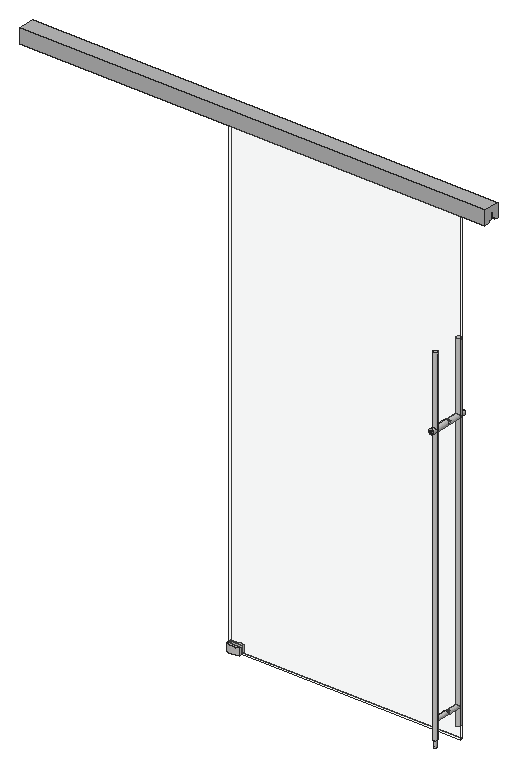
Revit family "Doors_Sliding_Avanti_Systems_Polaris-Auto-Magnetic-Slider_Single-Soffit-Mount-Dbl-Glazed", category Doors, Revit 2015
Parameters (values of type "Load Family Type Catalog")
  Youtube clip = ""
  Weight Net (Kg) = "0"
  Warranty = "1 year"  # constant formula
  Uniformat II Description = "Interior Doors"
  Uniformat II Code = "C1020"
  Uniclass 2015 Name = "Sliding door and partition sets"
  Uniclass 2015 Code = "Pr_30_59_24_80"
  Uniclass 2.0 Description = "Sliding Door And Partition Sets"
  Uniclass 2.0 Code = "PR-59-23-77"
  Uniclass 1.4 Description = "Doors"
  Uniclass 1.4 Code = "JL20"
  URL = "https://www.avantisystemsusa.com"
  UNSPSC Code = "30171501"
  Type = 1
  Thickness = if(Type = 1, 1/2", if(Type = 2, 3/8", if(Type = 3, 7/16", if(Type = 4, 9/16", 3/4"))))  # 1/2"
  Technical description = ""
  Stainless Steel Finish = "Yes"  # constant formula
  Sound Rating = 0
  Region South America = "All"
  Region Oceania = "All"
  Region North America = "All"
  Region Middle East = "All"
  Region Europe = "All"
  Region Asia = "All"
  Region Antarctica = "All"
  Region Africa = "All"
  Rail material [instance] = Polyester powder - Avanti - White aluminium METALLIC - RAL9006
  Rail Length [instance] = (Opening Width * 2) + 6 5/16"  # 80 5/16"
  QR code = "http://bimobject.com/avantisystems/product/avanti-polaris-auto-magnetic-slider"
  Product url = "https://www.avantisystemsusa.com/glass-products/doors/sliding-doors/automatic-doors/"
  Product group = "Automatic Doors"
  Product family = "Sliding Doors"
  Product data url = "https://bimobject.com/avantisystems/product/avanti-polaris-auto-magnetic-slider"
  Product certification = ""
  Product SKU = "avanti-polaris-auto-magnetic-slider"
  Product Guid = "5e847812-9909-4e74-9d64-870bde1c5a5f"
  Power = 110 V  # constant formula
  Opening Width [instance] = 37"
  OmniClass Description = "Sliding All Glass Doors"
  OmniClass Code = "23-17 11 23 13"
  Nominal width = 0"
  Nominal height = 0"
  NBS Reference Description = "Sliding Door And Partition Sets"
  NBS Reference Code = "59-23-77"
  Model = "Polaris™ Auto Magnetic Slider"  # constant formula
  Material secondary = "Aluminium"
  Material main = "Glass"
  Masterformat 2014 Description = "Sliding Aluminum-Framed Glass Doors"
  Masterformat 2014 Code = "08 32 13"
  Manufacturer name = "Avanti Systems"
  Manufacturer country = ""
  Manufacturer = "Avanti Systems USA"  # constant formula
  Lock = "Thumb turn floor lock with a key"
  Ladder Pull Height [instance] = 18"
  LEED compatibility = "LEED 2009 (v3): MRc3, MRc4, MRc5, MRc7, EQc4.2, EQc8.1 and EQc8.2. LEED v4: MRc1, MRc3, MRc4, MRc8, EQc2, EQc7 and EQc8."  # constant formula
  Installation instructions = ""
  IFC Classification = "Door"
  Hardware material [instance] = Stainless Steel - Avanti- Brushed Finish
  Handle type [instance] = Handle : 60" Ladder Pull
  Glazing = "Safety Glazing SGCC"
  Glass Width [instance] = 40"
  Glass Material = Glass - Avanti - Laminated Glass
  Glass Marker = yes
  Glass Height [instance] = 83.63043"
  Gap Thickness = if(Type = 1, 1 1/4", if(Type = 2, 1 39/128", if(Type = 3, 1 35/128", if(Type = 4, 1 27/128", 1 15/128"))))  # 1 1/4"
  Function = Interior
  Edition number = 1
  EAN code = ""
  Design country = "United States"
  Description = "The newset innovation in modern interior office entryway design."  # constant formula
  Date of publishing = ""
  Clear Anodic Finish = "ASTM B221 (ASTM B221M)"  # constant formula
  COBIe Type Category = ""
  Brand url = "http://www.avantisystemsusa.com/"
  BIMobject main category code = "doors"
  BIMobject main category = "Doors"
  BIMobject category code = "doors-sliding"
  BIMobject category = "Sliding"
  Analytic Construction = "<None>"
Reference planes (in)
  plane 1 "Center (Front/Back)": y = 0
  plane 2: z = 0
  plane 3 "Center (Left/Right)": x = 3.24894
  plane 4: x = -15.25106
  plane 5: x = 21.74894
  plane 6 "Top": z = 84.14172
  plane 7 "Curtain_wall_center": y = 1.74219
  plane 8 "Curtain_wall_exterior": y = 1.99219
  plane 9 "Curtain_wall_interior": y = 1.49219
  plane 10 "Doors_exterior": y = 3.74219
  plane 11 "Doors_center": y = 3.49219
  plane 12 "Doors_interior": y = 3.24219
  plane 13 "Door_offset_left": x = -16.75106
  plane 14 "Door_offset_right": x = 23.24894
  plane 15 "Door_offset_top": z = 83.78234
  plane 16 "Handle_placement_top": z = 18
  plane 17 "Handle_placement_level": x = 20.74894
  plane 18: x = -14.76823
  plane 19: z = 0.15191
  plane 20: x = -51.87606
  plane 21: x = 28.43644
  plane 22: z = 41.89117
  plane 23: z = 84.69642
Forms (in)
  Extrusion 1, solid, material "Glass - Avanti - Laminated Glass" <- "Glass Material"
    sketch origin (0, 0, 0) x (1, 0, 0) y (0, 1, 0)
      loop
        line (-16.75106, 3.74219) -> (-16.75106, 3.24219) -> (23.24894, 3.24219) -> (23.24894, 3.74219) -> (-16.75106, 3.74219)
    from 0.15191 to 83.78234
  Extrusion 2, solid, material "Stainless Steel - Avanti- Brushed Finish" <- "Hardware material"
    sketch origin (0, 0, 0) x (1, 0, 0) y (0, 1, 0)
      loop
        arc (-17.01409, 2.97625) -> (-15.89116, 2.77392) -> (-14.76823, 2.97625) r 3.2173
        line (-14.76823, 2.97625) -> (-14.76823, 4.00813)
        arc (-14.76823, 4.00813) -> (-15.89116, 4.15799) -> (-17.01409, 4.00813) r 4.28202
        line (-17.01409, 4.00813) -> (-17.01409, 2.97625)
    from 0 to 1.21575
  Extrusion 3, void
    sketch origin (3.24894, 0, 0) x (0, 1, 0) y (0, 0, 1)
      loop
        line (3.74219, 1.21575) -> (3.24219, 1.21575) -> (3.24219, 0.15191) -> (3.74219, 0.15191) -> (3.74219, 1.21575)
    from -20.26303 to -18.01717
  Sweep 4, solid, material "Polyester powder - Avanti - White aluminium METALLIC - RAL9006" <- "Rail material"
    path origin (0, 0, 0) x (1, 0, 0) y (0, 0, 1)
      loop
        line (28.43644, 84.69642) -> (-51.87606, 84.69642)
    profile origin (-11.71981, 0, 84.69642) x (0, 0, -1) y (0, -1, 0)
      loop
        line (2.36221, -4.1639) -> (1.96457, -4.1639) -> (1.96457, -3.74219) -> (1.00393, -3.74219) -> (1.00393, -3.24219) -> (2.00394, -3.24219) -> (2.00394, -2.96705) -> (2.36221, -2.96705) -> (2.36221, -1.99855) -> (0, -1.99855) -> (0, -4.75446) -> (2.36221, -4.75446) -> (2.36221, -4.1639)
Cuts and joins
  Extrusion 3 cuts Extrusion 2
Lines and regions (in)
  symbolic lines, style "0"
    curve 1: line (-17.01409, 2.97625, 0) -> (-17.01409, 4.00813, 0)
    curve 2: line (-14.76823, 2.97625, 0) -> (-14.76823, 4.00813, 0)
    curve 3: circle (-16.75106, 3.49219, 0) r 0.22256 normal (0, 0, 1)
    curve 4: circle (-16.75106, 3.49219, 0) r 0.13151 normal (0, 0, 1)
    curve 5: circle (-15.03126, 3.49219, 0) r 0.22256 normal (0, 0, 1)
    curve 6: circle (-15.03126, 3.49219, 0) r 0.13151 normal (0, 0, 1)
    curve 7: arc (-15.42624, 3.11788, 0) -> (-15.29429, 3.49219, 0) -> (-15.42624, 3.8665, 0) r 0.59687
    curve 8: arc (-16.35608, 3.8665, 0) -> (-16.48803, 3.49219, 0) -> (-16.35608, 3.11788, 0) r 0.59687
    curve 9: line (-14.76823, 3.8665, 0) -> (-17.01409, 3.8665, 0)
    curve 10: line (-14.76823, 3.11788, 0) -> (-17.01409, 3.11788, 0)
    curve 21: arc (-14.76823, 2.97625, 0) -> (-15.89116, 2.77392, 0) -> (-17.01409, 2.97625, 0) r 3.2173
    curve 35: line (-14.76823, 3.24219, 0) -> (23.24894, 3.24219, 0)
    curve 36: line (23.24894, 3.24219, 0) -> (23.24894, 3.74219, 0)
    curve 37: line (-14.76823, 3.74219, 0) -> (23.24894, 3.74219, 0)
    curve 38: line (3.24894, 3.74219, 0.15191) -> (3.24894, 3.74219, 83.78234)
    curve 39: line (3.24894, 3.24219, 0.15191) -> (3.24894, 3.74219, 0.15191)
    curve 40: line (3.24894, 3.24219, 83.78234) -> (3.24894, 3.24219, 0.15191)
    curve 53: arc (-14.76823, 4.00813, 0) -> (-15.89116, 4.15799, 0) -> (-17.01409, 4.00813, 0) r 4.28202
  symbolic lines, style "0", not visible
    curve 11: line (-11.39483, 5.69093, 0) -> (-11.39483, 4.65905, 0)
    curve 12: line (-13.64069, 5.69093, 0) -> (-13.64069, 4.65905, 0)
    curve 13: circle (-11.65786, 5.17499, 0) r 0.22256 normal (0, 0, 1)
    curve 14: circle (-11.65786, 5.17499, 0) r 0.13151 normal (0, 0, 1)
    curve 15: circle (-13.37767, 5.17499, 0) r 0.22256 normal (0, 0, 1)
    curve 16: circle (-13.37767, 5.17499, 0) r 0.13151 normal (0, 0, 1)
    curve 17: arc (-12.98268, 5.5493, 0) -> (-13.11464, 5.17499, 0) -> (-12.98268, 4.80068, 0) r 0.59687
    curve 18: arc (-12.05285, 4.80068, 0) -> (-11.92089, 5.17499, 0) -> (-12.05285, 5.5493, 0) r 0.59687
    curve 19: line (-13.64069, 4.80068, 0) -> (-11.39483, 4.80068, 0)
    curve 20: line (-13.64069, 5.5493, 0) -> (-11.39483, 5.5493, 0)
    curve 22: arc (-13.64069, 5.69093, 0) -> (-12.51776, 5.89326, 0) -> (-11.39483, 5.69093, 0) r 3.2173
    curve 51: line (-16.88257, 3.49219, 0) -> (-16.61954, 3.49219, 0)
    curve 52: line (-11.52635, 5.17499, 0) -> (-11.78938, 5.17499, 0)
    curve 54: arc (-13.64069, 4.65905, 0) -> (-12.51776, 4.50918, 0) -> (-11.39483, 4.65905, 0) r 4.28202
  symbolic lines, style "0", detail levels medium+fine
    curve 23: circle (20.74894, 6.0161, 0) r 0.39445 normal (0, 0, 1)
    curve 24: line (20.43894, 5.77219, 0) -> (20.43894, 3.74219, 0)
    curve 25: line (21.06195, 5.77606, 0) -> (21.06195, 3.74219, 0)
    curve 26: circle (20.74894, 0.96828, 0) r 0.39445 normal (0, 0, -1)
    curve 27: line (20.43894, 1.21218, 0) -> (20.43894, 3.24219, 0)
    curve 28: line (21.06195, 1.20831, 0) -> (21.06195, 3.24219, 0)
  symbolic lines, style "0", not visible, detail levels medium+fine
    curve 29: circle (20.74894, 4.89891, 0) r 0.39445 normal (0, 0, 1)
    curve 30: line (20.43894, 4.65501, 0) -> (20.43894, 2.625, 0)
    curve 31: line (21.06195, 4.65887, 0) -> (21.06195, 2.625, 0)
    curve 32: circle (20.74894, -0.14891, 0) r 0.39445 normal (0, 0, -1)
    curve 33: line (20.43894, 0.09499, 0) -> (20.43894, 2.125, 0)
    curve 34: line (21.06195, 0.09113, 0) -> (21.06195, 2.125, 0)
  symbolic lines, visible <- "Glass Marker"
    curve 41: line (0.42051, -0.24998, 39.06274) -> (6.07737, -0.24998, 44.7196)
    curve 42: line (3.24894, -0.24998, 40.04321) -> (5.0969, -0.24998, 41.89117)
    curve 43: line (1.40098, -0.24998, 41.89117) -> (3.24894, -0.24998, 43.73913)
  symbolic lines, not visible
    curve 44: line (1.40098, 0.25002, 41.89117) -> (5.0969, 0.25002, 41.89117)
    curve 49: line (-1.84534, 0.25002, 22.66367) -> (1.85057, 0.25002, 22.66367)
  model lines, not visible
    curve 45: line (3.24894, 0.25002, 40.04321) -> (3.24894, 0.25002, 43.73913)
    curve 50: line (0.00262, 0.25002, 20.81572) -> (0.00262, 0.25002, 24.51163)
  symbolic lines, visible <- "Glass Marker", not visible
    curve 46: line (-2.82581, -0.24998, 19.83525) -> (2.83104, -0.24998, 25.4921)
    curve 47: line (0.00262, -0.24998, 20.81572) -> (1.85057, -0.24998, 22.66367)
    curve 48: line (-1.84534, -0.24998, 22.66367) -> (0.00262, -0.24998, 24.51163)
Text (in)
  text "Exterior" at (-45.72835, 31.38743, 0), in view "Ref. Level"
Dimensions and locks (in)
  equal spacing: plane 4, plane 3 "Center (Left/Right)", plane 5  (x2)
  equal spacing: plane 8 "Curtain_wall_exterior", plane 7 "Curtain_wall_center", plane 9 "Curtain_wall_interior"
  equal spacing: plane 10 "Doors_exterior", plane 11 "Doors_center", plane 12 "Doors_interior"
  "Gap Thickness": plane 12 "Doors_interior" to plane 8 "Curtain_wall_exterior"
  locked: plane 5 to plane 14 "Door_offset_right" at 1.5
  locked: plane 13 "Door_offset_left" to plane 4 at 1.5
  "Thickness": plane 10 "Doors_exterior" to plane 12 "Doors_interior"
  "Thickness": plane 8 "Curtain_wall_exterior" to plane 9 "Curtain_wall_interior"
  "Ladder Pull Height": plane 2 to plane 16 "Handle_placement_top"
  locked: plane 17 "Handle_placement_level" to plane 14 "Door_offset_right" at 2.5
  equal spacing: plane 13 "Door_offset_left", plane 3 "Center (Left/Right)", plane 14 "Door_offset_right"
  "Opening Width": plane 4 to plane 5
  locked: plane 4 to plane 18 at 0.48283
  locked: plane 17 "Handle_placement_level" to curve 25 at 0.31301
  locked: plane 17 "Handle_placement_level" to curve 28 at 0.31301
  locked: plane 5 to plane 21 at 6.6875
  "Rail Length": plane 20 to plane 21
  plane 10 "Doors_exterior" to plane 12 "Doors_interior" = 1/2"
  equal spacing: plane 2, plane 22, plane 15 "Door_offset_top"
  "Glass Width": plane 13 "Door_offset_left" to plane 14 "Door_offset_right"
  locked: plane 2 to plane 19 at 0.15191
  "Glass Height": plane 19 to plane 15 "Door_offset_top"
  locked: plane 15 "Door_offset_top" to plane 6 "Top" at 0.35938
  locked: plane 1 "Center (Front/Back)" to plane 7 "Curtain_wall_center" at 1.74219
  curve 9 to nested 2 = 2.67443"
  locked: plane 6 "Top" to plane 23 at 0.55471
  locked: nested 3 to curve 44 at 7
  aligned and locked: level to plane 2
  aligned and locked: Extrusion 1 sketch curve to plane 10 "Doors_exterior"
  aligned and locked: Extrusion 1 sketch curve to plane 13 "Door_offset_left"
  aligned and locked: plane 12 "Doors_interior" to Extrusion 1 sketch curve
  aligned and locked: plane 14 "Door_offset_right" to Extrusion 1 sketch curve
  aligned and locked: plane 15 "Door_offset_top" to Extrusion 1
  aligned and locked: curve 2 to plane 18
  aligned and locked: plane 10 "Doors_exterior" to curve 25
  aligned and locked: plane 10 "Doors_exterior" to curve 24
  aligned and locked: plane 12 "Doors_interior" to curve 28
  aligned and locked: plane 12 "Doors_interior" to curve 27
  aligned and locked: plane 10 "Doors_exterior" to Extrusion 3 sketch curve
  aligned and locked: Extrusion 3 sketch curve to plane 12 "Doors_interior"
  aligned and locked: Extrusion 2 to Extrusion 3 sketch curve
  aligned and locked: curve 38 to Extrusion 1
  aligned and locked: curve 39 to cut or joined group of Extrusion 2, Extrusion 3
  aligned and locked: curve 40 to cut or joined group of Extrusion 2, Extrusion 3
  aligned and locked: cut or joined group of Extrusion 2, Extrusion 3 to plane 2
  aligned and locked: cut or joined group of Extrusion 2, Extrusion 3 to plane 18
  aligned and locked: plane 15 "Door_offset_top" to curve 38
  aligned and locked: plane 15 "Door_offset_top" to curve 40
  aligned and locked: Extrusion 1 to cut or joined group of Extrusion 2, Extrusion 3
  aligned and locked: plane 22 to curve 44
  aligned and locked: plane 3 "Center (Left/Right)" to curve 45
  aligned and locked: plane 11 "Doors_center" to nested 1
  aligned and locked: plane 3 "Center (Left/Right)" to nested 2
  aligned and locked: plane 19 to Extrusion 1
  aligned and locked: plane 23 to Sweep 4 sketch curve
  aligned and locked: Sweep 4 sketch curve to plane 10 "Doors_exterior"
  aligned and locked: Sweep 4 sketch curve to plane 12 "Doors_interior"
  aligned and locked: plane 23 to nested 1
  aligned and locked: plane 3 "Center (Left/Right)" to nested 3
  aligned and locked: curve 51 to plane 11 "Doors_center"
  aligned and locked: plane 17 "Handle_placement_level" to nested 4
  aligned and locked: plane 2 to nested 4
  aligned and locked: plane 10 "Doors_exterior" to nested 4
Automatic sketch dimensions
  curve 35 to plane 12 "Doors_interior" = 0"
  curve 35 to plane 18 = 0"
  curve 37 to plane 10 "Doors_exterior" = 0"
  curve 37 to plane 18 = 0"
  Extrusion 2 sketch curve to plane 18 = 0"
  plane 4 to Extrusion 2 sketch curve = 0.6401"  (x2)
  plane 1 "Center (Front/Back)" to Extrusion 2 sketch curve = 0.12403"
  plane 13 "Door_offset_left" to Extrusion 2 sketch curve = 0.26303"
  Extrusion 2 sketch curve to plane 12 "Doors_interior" = 0.26594"
  plane 10 "Doors_exterior" to Extrusion 2 sketch curve = 0.26594"
  plane 10 "Doors_exterior" to Extrusion 2 sketch curve = 2.24903"
  level to Extrusion 3 sketch curve = 0.15191"
  plane 20 to Sweep 4 sketch curve = 0"
  plane 21 to Sweep 4 sketch curve = 0"
  Sweep 4 sketch curve to profile plane = 0"
  Sweep 4 sketch curve to Sweep 4 sketch curve = 0.03937"
  Sweep 4 sketch curve to Sweep 4 sketch curve = 0.39764"
  Sweep 4 sketch curve to Sweep 4 sketch curve = 0.35827"
  Sweep 4 sketch curve to Sweep 4 sketch curve = 0.59055"
  Sweep 4 sketch curve to Sweep 4 sketch curve = 0.42172"
  Sweep 4 sketch curve to Sweep 4 sketch curve = 0.27514"
  Sweep 4 sketch curve to Sweep 4 sketch curve = 1.24364"
  Sweep 4 sketch curve to Sweep 4 sketch curve = 1"
  curve 36 to plane 14 "Door_offset_right" = 0"
  Sweep 4 sketch curve to profile plane = 1 1/256"
  curve 3 to curve 4 = 0"  (x4)
  curve 5 to curve 6 = 0"  (x4)
  curve 7 to curve 8 = 0"  (x4)
  curve 9 to curve 5 = 0.26303"
  curve 5 to curve 8 = 0.8599"
  curve 2 to curve 21 = 1.12293"
  curve 7 to curve 4 = 0.8599"
  curve 3 to curve 1 = 0.26303"
  curve 21 to curve 2 = 1.98308"
  curve 1 to curve 2 = 0"
  curve 1 to curve 4 = 0.51594"
  curve 3 to curve 7 = 0"
  curve 2 to curve 6 = 0.51594"
  curve 3 to curve 1 = 0.51594"
  curve 21 to curve 53 = 3.10027"
  curve 5 to curve 7 = 0.39498"  (x2)
  curve 8 to curve 3 = 0.39498"
  curve 51 to curve 3 = 0.13151"
  curve 1 to curve 9 = 0.14163"
  curve 3 to curve 51 = 0"
  curve 13 to curve 14 = 0"  (x4)
  curve 15 to curve 16 = 0"  (x4)
  curve 17 to curve 18 = 0"  (x4)
  curve 19 to curve 15 = 0.26303"
  curve 15 to curve 18 = 0.8599"
  curve 12 to curve 22 = 1.12293"
  curve 17 to curve 14 = 0.8599"
  curve 13 to curve 11 = 0.26303"
  curve 22 to curve 12 = 1.98308"
  curve 11 to curve 12 = 0"
  curve 11 to curve 14 = 0.51594"
  curve 13 to curve 17 = 0"
  curve 12 to curve 16 = 0.51594"
  curve 13 to curve 11 = 0.51594"
  curve 22 to curve 54 = 3.10027"
  curve 15 to curve 17 = 0.39498"  (x2)
  curve 18 to curve 13 = 0.39498"
  curve 52 to curve 13 = 0.13151"
  curve 11 to curve 19 = 0.14163"
  curve 13 to curve 52 = 0"
  radius of curve 3 = 0.22256"
  radius of curve 5 = 0.22256"
  radius of curve 6 = 0.13151"
  radius of curve 13 = 0.22256"
  radius of curve 15 = 0.22256"
  radius of curve 16 = 0.13151"
Nested families (in)
  nested 1: "Rail-Detail" at (3.24894, 3.41833, 83.51532) x (0, 1, 0) z (1, 0, 0), type "Rail-Detail"
    with Thickness 1/2", Half Thickness 1/4"
  nested 2: "Arrow" at (3.24894, 6.54093, 0), type "arrow"
  nested 3: "Arrow" at (3.24894, 0, 48.89117) x (1, 0, 0) z (0, -1, 0), type "arrow"
  nested 4: "Handle" at (22.37394, 5.11719, 38) x (-1, 0, 0) z (0, 1, 0), type <- "Handle type", type "60" Ladder Pull", detail levels medium+fine
    with Locker yes
Definition of nested family "Handle"
  Parameters (values of type "48" Ladder Pull")
    Width = 54.28299"
    Type = 3
    Ladder Pool Height = 18"
    Ladder 60" = if(Type = 5, 1 = 1, 1 = 0)  # no
    Ladder = if(Type = 3, 1 = 1, 1 = 0)  # yes
    Thickness = 1/2"
    Panic hardware = if(Type = 4, 1 = 1, 1 = 0)  # no
    Material = none
    Locker [instance] = yes
    Height = 90 9/16"
    Glass door = if(Type = 2, 1 = 1, 1 = 0)  # no
    Framed door = if(Type = 1, 1 = 1, 1 = 0)  # no
    Default Elevation = 48"
  Types (2): name | Type | Ladder 60" | Ladder
    60" Ladder Pull | 5 | yes | no
    48" Ladder Pull | 3 | no | yes
  Reference planes (in)
    plane 1 "Center (Front/Back)": y = 0
    plane 2: z = 0
    plane 3 "Center (Left/Right)": x = 0
    plane 4 "door_up": z = -1.375
    plane 5 "door_down": z = -1.875
    plane 6: z = -3.25
    plane 7: x = -1.25
    plane 8: x = -43.31449
    plane 9: x = -46.03299
    plane 10: x = -43.31449
    plane 11: y = 51.9375
    plane 12: y = 0.625
    plane 13: y = 11.125
    plane 14: y = 52.5625
    plane 15: y = -38
    plane 16: x = -50.15799
    plane 17 "door": x = 4.125
    plane 18: x = 1.625
    plane 19: y = -20
  Forms (in)
    Sweep 1, solid, material <- "Material", visible <- "Panic hardware"
      path origin (0, 0, 0) x (1, 0, 0) y (0, 1, 0)
        loop
          line (-1.25, 51.9375) -> (-1.25, 4.25)
          arc (-1.25, 4.25) -> (-2.12868, 2.12868) -> (-4.25, 1.25) r 3
          line (-4.25, 1.25) -> (-43.31449, 1.25)
      profile origin (-1.25, 28.09375, 0) x (1, 0, 0) y (0, 0, 1)
        loop
          circle (0.625, 0.625) r 0.625
    Sweep 2, solid, material <- "Material", visible <- "Panic hardware"
      path origin (0, 0, 0) x (1, 0, 0) y (0, 0, 1)
        loop
          line (-43.31449, 0) -> (-44.06449, 0)
          arc (-44.06449, 0) -> (-44.57255, -0.21044) -> (-44.78299, -0.7185) r 0.7185
          line (-44.78299, -0.7185) -> (-44.78299, -1.375)
      profile origin (-43.68949, 0, 0) x (0, 0, -1) y (0, -1, 0)
        loop
          circle (-0.625, -0.625) r 0.625
    Sweep 3, solid, material <- "Material", visible <- "Panic hardware"
      path origin (0, 0, -6.75) x (1, 0, 0) y (0, 0, -1)
        loop
          line (-43.31449, -3.5) -> (-44.06449, -3.5)
          arc (-44.06449, -3.5) -> (-44.57255, -3.71044) -> (-44.78299, -4.2185) r 0.7185
          line (-44.78299, -4.2185) -> (-44.78299, -4.875)
      profile origin (-43.68949, 0, -3.25) x (0, 0, -1) y (0, -1, 0)
        loop
          circle (0.625, -0.625) r 0.625
    Sweep 4, solid, material <- "Material", visible <- "Panic hardware"
      path origin (-30, 0, -6.75) x (-1, 0, 0) y (0, 0, -1)
        loop
          line (13.31449, -3.5) -> (-28.0315, -3.5)
          arc (-28.0315, -3.5) -> (-28.53956, -3.71044) -> (-28.75, -4.2185) r 0.7185
          line (-28.75, -4.2185) -> (-28.75, -4.875)
      profile origin (-22.6415, 0, -3.25) x (0, 0, 1) y (0, -1, 0)
        loop
          circle (-0.625, -0.625) r 0.625
  Cuts and joins
    joined: Sweep 1, Sweep 2
    joined: Sweep 3, Sweep 4
  Dimensions and locks (in)
    "Thickness": plane 5 "door_down" to plane 4 "door_up"
    locked: plane 3 "Center (Left/Right)" to plane 7 at 1.25
    locked: plane 9 to plane 8 at 2.7185
    locked: plane 9 to Sweep 3 sketch curve at 1.25
    locked: Sweep 2 sketch curve to plane 9 at 1.25
    locked: plane 10 to plane 9 at 2.7185
    locked: Sweep 1 sketch curve to plane 1 "Center (Front/Back)" at 1.25
    locked: plane 3 "Center (Left/Right)" to nested 1 at 0.125
    locked: plane 4 "door_up" to plane 2 at 1.375
    locked: plane 6 to plane 5 "door_down" at 1.375
    locked: plane 12 to plane 1 "Center (Front/Back)" at 0.625
    locked: plane 13 to plane 12 at 10.5
    locked: plane 14 to plane 11 at 0.625
    "Height": plane 14 to plane 15
    locked: plane 1 "Center (Front/Back)" to plane 15 at 38
    locked: plane 3 "Center (Left/Right)" to plane 17 "door" at 4.125
    "Width": plane 16 to plane 17 "door"
    locked: plane 16 to plane 10 at 6.8435
    locked: plane 18 to plane 17 "door" at 2.5
    "Ladder Pool Height": plane 19 to plane 15
    aligned and locked: level to plane 2
    aligned and locked: plane 4 "door_up" to cut or joined group of Sweep 1, Sweep 2
    aligned and locked: Sweep 2 sketch curve to plane 4 "door_up"
    aligned and locked: Sweep 3 sketch curve to plane 5 "door_down"
    aligned and locked: plane 6 to Sweep 3 sketch curve
    aligned and locked: plane 7 to Sweep 4 sketch curve
    aligned and locked: Sweep 4 sketch curve to plane 6
    aligned and locked: plane 8 to Sweep 4 sketch curve
    aligned and locked: plane 8 to Sweep 3 sketch curve
    aligned and locked: plane 10 to Sweep 2 sketch curve
    aligned and locked: plane 10 to Sweep 1 sketch curve
    aligned and locked: plane 11 to Sweep 1 sketch curve
    aligned and locked: plane 5 "door_down" to Sweep 4 sketch curve
    aligned and locked: nested 1 to plane 4 "door_up"
    aligned and locked: plane 13 to nested 1
    aligned and locked: nested 2 to plane 4 "door_up"
    aligned and locked: plane 3 "Center (Left/Right)" to nested 2
    aligned and locked: nested 2 to plane 11
    aligned and locked: nested 2 to plane 14
    aligned and locked: plane 18 to nested 3
    aligned and locked: plane 1 "Center (Front/Back)" to nested 3
    aligned and locked: nested 4 to plane 18
    aligned and locked: nested 4 to plane 1 "Center (Front/Back)"
    aligned and locked: nested 5 to plane 4 "door_up"
    aligned and locked: nested 5 to plane 17 "door"
    aligned and locked: nested 5 to plane 1 "Center (Front/Back)"
    aligned and locked: nested 6 to plane 4 "door_up"
    aligned and locked: plane 5 "door_down" to nested 7
    aligned and locked: nested 7 to plane 19
    aligned and locked: plane 19 to nested 6
    aligned and locked: nested 6 to plane 18
    aligned and locked: nested 7 to plane 18
    aligned and locked: plane 4 "door_up" to nested 8
    aligned and locked: plane 15 to nested 8
    aligned and locked: plane 5 "door_down" to nested 9
    aligned and locked: nested 9 to plane 15
    aligned and locked: plane 18 to nested 8
    aligned and locked: plane 18 to nested 9
  Nested families (in)
    nested 1: "Family2" at (-1.125, 11.125, 0.22234), visible <- "Panic hardware", type "Family2"
      with Lock yes
    nested 2: "Family3" at (-0.26102, 51.9375, -1.63602), visible <- "Panic hardware", type "Family3"
      with Thickness 1/2"
    nested 3: "Handle Timber" at (1.625, 0, -1.875), Locker <- "Locker", visible <- "Framed door", type "Handle Timber"
      with Locker yes
    nested 4: "Handle Timber" at (1.625, 0, -1.375) x (1, 0, 0) z (0, 0, -1), Locker <- "Locker", visible <- "Framed door", type "Handle Timber"
      with Locker yes
    nested 5: "Hinged Framed Swing locker" at (3.22214, -1.5625, -5.625), Handle and assembly material <- "Material", visible <- "Glass door", type "Hinged Framed Swing locker"
      with Handle and assembly material none
    nested 6: "Handle_For-Glass_Rounded_600mm" at (1.625, 13.36577, -1.375) x (-1, 0, 0) z (0, 0, -1), Handle Material <- "Material", visible <- "Ladder", type "Handle_For-Glass_Rounded_600mm"
      with Handle Material none, Handle Height 48"
    nested 7: "Handle_For-Glass_Rounded_600mm" at (1.625, -5.36577, -1.875) x (-1, 0, 0) z (0, 0, 1), Handle Material <- "Material", visible <- "Ladder", type "Handle_For-Glass_Rounded_600mm"
      with Handle Material none, Handle Height 48"
    nested 8: "Handle_For-Glass_Rounded_60in" at (1.625, 2.47039, -1.375), visible <- "Ladder 60"", Handle Material <- "Material", type "60""
      with No locker yes, Locker no, Handle Material none, Handle Height 60"
    nested 9: "Handle_For-Glass_Rounded_60in2" at (1.625, 2.47039, -1.875), visible <- "Ladder 60"", Handle Material <- "Material", type "60""
      with No locker no, Locker yes, Handle Material none, Handle Height 60"
  Definition of nested family "Family2"
    Parameters (values of type "Family2")
      Thickness = 1/2"
      Material = none
      Lock = no
    Reference planes (in)
      plane 1 "Center (Front/Back)": y = 0
      plane 2: z = 0
      plane 3 "Center (Left/Right)": x = 0
      plane 4: z = -2.09734
      plane 5: z = -1.59734
    Forms (in)
      Extrusion 1, solid, material <- "Material"
        sketch origin (0, 0, 0) x (0, 1, 0) y (0, 0, 1)
          loop
            line (5.04078, -0.345) -> (5.04078, 0) -> (-2.39922, 0) -> (-2.39922, -0.345) -> (5.04078, -0.345)
        from 0 to 1
      Extrusion 2, solid, material <- "Material"
        sketch origin (0, 0, 0) x (0, 1, 0) y (0, 0, 1)
          loop
            line (-0.3074, -0.345) -> (-1.4374, -0.345) -> (-1.4374, -1.31734) -> (-0.3074, -1.31734) -> (-0.3074, -0.345)
        from 0.32565 to 0.66353
      Extrusion 3, solid, material <- "Material"
        sketch origin (0, 0, 0) x (0, 1, 0) y (0, 0, 1)
          loop
            line (-1.4374, -1.31734) -> (-1.4374, -1.59734) -> (1.43807, -1.59734) -> (1.43807, -1.31734) -> (-1.4374, -1.31734)
          loop
            line (1.45803, -2.09734) -> (-1.41697, -2.09734) -> (-1.41697, -3.82961)
            arc (-1.41697, -3.82961) -> (-1.36191, -3.96254) -> (-1.22897, -4.01761) r 0.188
            line (-1.22897, -4.01761) -> (1.27003, -4.01761)
            arc (1.27003, -4.01761) -> (1.40297, -3.96254) -> (1.45803, -3.82961) r 0.188
            line (1.45803, -3.82961) -> (1.45803, -2.09734)
        from 0 to 1
      Extrusion 4, solid, material <- "Material"
        sketch origin (0, 0, 0) x (0, 1, 0) y (0, 0, 1)
          loop
            arc (-3.2641, -0.65221) -> (-3.242, -0.64306) -> (-3.23285, -0.62096) r 0.03125
            line (-3.23285, -0.62096) -> (-3.23285, 0) -> (-3.4516, 0) -> (-3.4516, -0.62096)
            arc (-3.4516, -0.62096) -> (-3.44244, -0.64306) -> (-3.42035, -0.65221) r 0.03125
            line (-3.42035, -0.65221) -> (-3.2641, -0.65221)
        from 0.32565 to 0.66353
      Extrusion 5, solid, material <- "Material", visible <- "Lock"
        sketch origin (1, 0, 0) x (0, 1, 0) y (0, 0, 1)
          loop
            circle (0.20853, -3.12734) r 0.58
          loop
            circle (0.20853, -3.12734) r 0.5625
          loop
            circle (-0.07272, -3.12734) r 0.22671
        from 0 to 0.25
      Extrusion 6, solid, material <- "Material", visible <- "Lock"
        sketch origin (1, 0, 0) x (0, 1, 0) y (0, 0, 1)
          loop
            circle (0.20853, -3.12734) r 0.5625
        from 0 to 0.20472
      Extrusion 7, solid, material <- "Material", visible <- "Lock", not visible
        sketch origin (1, 0, 0) x (0, 1, 0) y (0, 0, 1)
          loop
            circle (0.20853, -3.12734) r 0.58
          loop
            circle (0.20853, -3.12734) r 0.5625
          loop
            circle (-0.07272, -3.12734) r 0.22671
        from 0 to 0.25
      Extrusion 8, solid, material <- "Material", visible <- "Lock", not visible
        sketch origin (1, 0, 0) x (0, 1, 0) y (0, 0, 1)
          loop
            circle (0.20853, -3.12734) r 0.5625
        from 0 to 0.20472
    Lines and regions (in)
      model lines, not visible
        curve 1: line (0, -0.35397, -3.12734) -> (0, 0.39603, -3.12734)
        curve 2: line (0, -0.35397, -3.12734) -> (0, 0.39603, -3.12734)
    Dimensions and locks (in)
      "Thickness": plane 4 to plane 5
      locked: plane 5 to plane 2 at 1.59734
      aligned and locked: level to plane 2
      aligned and locked: plane 5 to Extrusion 3 sketch curve
      aligned and locked: Extrusion 3 sketch curve to Extrusion 2
      aligned and locked: Extrusion 3 sketch curve to plane 4
  Definition of nested family "Family3"
    Parameters (values of type "Family3")
      Thickness = 0.50125"
      Material = none
    Reference planes (in)
      plane 1 "Center (Front/Back)": y = 0
      plane 2: z = 0
      plane 3 "Center (Left/Right)": x = 0
      plane 4: z = 0.26102
      plane 5: z = -0.24023
    Forms (in)
      Extrusion 1, solid, material <- "Material"
        sketch origin (-0.98898, 0.625, 0.26102) x (0, 0, -1) y (0, 1, 0)
          loop
            line (-0.28125, 0.125) -> (-0.28125, -2.375) -> (0, -2.375) -> (0, 0) -> (0.50125, 0) -> (0.50125, -2.37518) -> (0.78125, -2.37518) -> (0.78125, 0.125) -> (-0.28125, 0.125)
        from 0 to 1.25
      Revolve 2, solid, material <- "Material"
        sketch origin (-0.36398, 0.615, 0.26102) x (0, 0, -1) y (0, 1, 0)
          loop
            line (-0.28125, -0.615) -> (-1.5092, -0.615) -> (-1.5092, -0.995) -> (-0.28125, -0.995) -> (-0.28125, -0.615)
          axis (-1.5092, -0.995) -> (-0.28125, -0.995)
        angle from 0 to 360
    Dimensions and locks (in)
      "Thickness": plane 4 to plane 5
      locked: Extrusion 1 to plane 4 at 0.28125
      locked: plane 5 to Extrusion 1 at 0.28
      aligned and locked: level to plane 2
      aligned and locked: Extrusion 1 to plane 4
      aligned and locked: plane 5 to Extrusion 1
  Definition of nested family "Handle Timber"
    Parameters (values of type "Handle Timber")
      Locker [instance] = yes
      Handle material = none
      Default Elevation = 48"
    Reference planes (in)
      plane 1 "Center (Front/Back)": y = 0
      plane 2: z = 0
      plane 3 "Center (Left/Right)": x = 0
    Forms (in)
      Extrusion 1, solid, material <- "Handle material"
        sketch origin (0, 0.00944, 0.00975) x (-1, 0, 0) y (0, -1, 0.00026)
          loop
            line (0.82036, -6.01526) -> (0.82036, -4.11121)
            arc (0.82036, -4.11121) -> (0, -3.29085) -> (-0.82036, -4.11121) r 0.82036
            line (-0.82036, -4.11121) -> (-0.82036, -6.01526)
            arc (-0.82036, -6.01526) -> (0, -6.83563) -> (0.82036, -6.01526) r 0.82036
          loop
            line (0.82036, -0.95129) -> (0.82036, 0.95276)
            arc (0.82036, 0.95276) -> (0, 1.77313) -> (-0.82036, 0.95276) r 0.82036
            line (-0.82036, 0.95276) -> (-0.82036, -0.95129)
            arc (-0.82036, -0.95129) -> (0, -1.77165) -> (0.82036, -0.95129) r 0.82036
        from -0.36 to -0.00798
      Sweep 2, solid, material <- "Handle material"
        path origin (0, 0.00944, 0.00975) x (-1, 0, 0) y (0, 0.00026, 1)
          loop
            line (0.00372, -0.36) -> (0.00372, -2.13165)
            arc (0.00372, -2.13165) -> (0.19244, -2.58727) -> (0.64805, -2.77599) r 0.64433
            line (0.64805, -2.77599) -> (4.19136, -2.77599)
            arc (4.19136, -2.77599) -> (4.78191, -2.53137) -> (5.02652, -1.94082) r 0.83517
            line (5.02652, -1.94082) -> (5.02652, -0.63757)
        profile origin (-0.00372, 0.00911, -1.23607) x (-1, 0, 0) y (0, 1, -0.00026)
          loop
            circle (0, 0) r 0.3937
      Extrusion 3, solid, material <- "Handle material", visible <- "Locker"
        sketch origin (0, 0.00944, 0.00975) x (-1, 0, 0) y (0, -1, 0.00026)
          loop
            line (0.82009, 4.11958) -> (0.82408, 6.02363)
            arc (0.82408, 6.02363) -> (0.00543, 6.84571) -> (-0.81665, 6.02706) r 0.82036
            line (-0.81665, 6.02706) -> (-0.82063, 4.12301)
            arc (-0.82063, 4.12301) -> (-0.00199, 3.30093) -> (0.82009, 4.11958) r 0.82036
        from -0.36 to -0.01061
    Lines and regions (in)
      reference lines
        curve 1: line (0, 6.84506, 0) -> (0, -6.83627, 0)
        curve 2: line (-5.42022, 0.00893, 0) -> (0.82036, 0.00893, 0)
    Dimensions and locks (in)
      aligned and locked: level to plane 2
  Definition of nested family "Hinged Framed Swing locker"
    Parameters (values of type "Hinged Framed Swing locker")
      Thickness = 1/2"
      Lock = yes
      Handle and assembly material [instance] = none
    Reference planes (in)
      plane 1 "Center (Front/Back)": y = 0
      plane 2: z = 0
      plane 3 "Center (Left/Right)": x = 0
      plane 4: y = 0.59375
      plane 5: y = -0.59375
      plane 6: x = -1
      plane 7: x = 1
      plane 8: y = 0.25
      plane 9: y = -0.25
      plane 10: x = 1.5
      plane 11: z = 8
      plane 12: z = 4.6875
      plane 13: z = 3.6875
      plane 14: z = 3.125
      plane 15: x = 1.38539
      plane 16: z = 2.79297
      plane 17: y = 0.25
      plane 18: y = -0.25
      plane 19: x = 0.90286
      plane 20: z = 6.0625
      plane 21: y = -0.84375
      plane 22: y = -0.80275
      plane 23 "handle_center": z = 2.4375
      plane 24: x = -4.375
      plane 25: y = -1.23355
      plane 26: z = 2.69544
      plane 27: z = 2.17956
      plane 28: y = -2.05222
      plane 29: y = -2.71875
      plane 30: z = 2.69544
      plane 31: z = 2.17956
      plane 32: z = 4.25
      plane 33: z = 3.75
      plane 34: z = 4
    Forms (in)
      Extrusion 1, solid, material <- "Handle and assembly material"
        sketch origin (0, -4, 4) x (1, 0, 0) y (0, 0, -1)
          loop
            line (-1, 0.59375) -> (-1, 0.25) -> (0.90286, 0.25) -> (0.90286, -0.25) -> (-1, -0.25) -> (-1, -0.59375) -> (1, -0.59375) -> (1, 0.59375) -> (-1, 0.59375)
        from 0 to 8
      Extrusion 2, solid, material <- "Handle and assembly material", detail levels fine
        sketch origin (0, -4, 4) x (1, 0, 0) y (0, 0, -1)
          loop
            line (1, 0.25) -> (1, -0.25)
            arc (1, -0.25) -> (1.27121, -0.02121) -> (1.5, 0.25) r 2.09856
            line (1.5, 0.25) -> (1, 0.25)
        from 3.6875 to 4.6875
      Extrusion 3, solid, material <- "Handle and assembly material", detail levels fine
        sketch origin (0, -4, 4) x (1, 0, 0) y (0, 0, -1)
          loop
            line (1, 0.25) -> (1, -0.25)
            arc (1, -0.25) -> (1.0598, -0.20427) -> (1.0921, -0.13627) r 0.16012
            arc (1.0921, -0.13627) -> (1.11202, -0.10046) -> (1.14874, -0.08227) r 0.06897
            line (1.14874, -0.08227) -> (1.30312, -0.08227)
            arc (1.30312, -0.08227) -> (1.36129, -0.05818) -> (1.38539, 0) r 0.08227
            arc (1.38539, 0) -> (1.36129, 0.05818) -> (1.30312, 0.08227) r 0.08227
            line (1.30312, 0.08227) -> (1.14874, 0.08227)
            arc (1.14874, 0.08227) -> (1.11202, 0.10046) -> (1.0921, 0.13627) r 0.06897
            arc (1.0921, 0.13627) -> (1.0598, 0.20427) -> (1, 0.25) r 0.16012
        from 2.79297 to 3.125
      Extrusion 4, solid, material <- "Handle and assembly material", visible <- "Lock", detail levels medium+fine
        sketch origin (1, -4, 4.59375) x (-1, 0, 0) y (0, -1, 0)
          loop
            circle (1, -6.0625) r 0.63654
          loop
            circle (1, -6.0625) r 0.60041
        from 0 to 0.25
      Extrusion 5, solid, material <- "Handle and assembly material", visible <- "Lock", detail levels medium+fine
        sketch origin (1, -4, 4.59375) x (-1, 0, 0) y (0, -1, 0)
          loop
            circle (1, -6.0625) r 0.60041
        from 0 to 0.209
      Blend 6, solid, material <- "Handle and assembly material", visible <- "Lock", detail levels fine
        base sketch origin (1, -4, 4.80275) x (-1, 0, 0) y (0, -1, 0)
          loop
            circle (1, -5.84645) r 0.21605
        top sketch origin (1, -4, 4.80275) x (-1, 0, 0) y (0, -1, 0)
          loop
            circle (1, -5.84645) r 0.19257
        from 0 to 0.041
      Extrusion 7, solid, material <- "Handle and assembly material"
        sketch origin (1, -4, 4.59375) x (-1, 0, 0) y (0, -1, 0)
          loop
            circle (1, -2.4375) r 0.35547
        from 0 to 1.45847
      Extrusion 8, void
        sketch origin (0.04357, -4.04543, 4) x (0, 0, -1) y (-0.017452, 0.999848, 0)
          loop
            line (-1.23355, 2.79297) -> (-1.23355, 2.90667) -> (-2.86779, 2.90667) -> (-2.86779, 2.69544) -> (-1.36779, 2.69544)
            arc (-1.36779, 2.69544) -> (-1.28242, 2.71908) -> (-1.23355, 2.79297) r 0.12635
        from -3.60215 to 0.49573
      Extrusion 9, solid, material <- "Handle and assembly material"
        sketch origin (1, -4, 4.59375) x (-1, 0, 0) y (0, -1, 0)
          loop
            arc (0.71851, -2.22043) -> (0.66353, -2.32283) -> (0.64453, -2.4375) r 0.35547
            arc (0.64453, -2.4375) -> (0.66353, -2.55217) -> (0.71851, -2.65457) r 0.35547
            line (0.71851, -2.65457) -> (5.3098, -2.57443) -> (5.375, -2.50923) -> (5.375, -2.36577) -> (5.3098, -2.30057) -> (0.71851, -2.22043)
        from 1.45847 to 2.125
      Extrusion 10, void
        sketch origin (0.04357, 0.92043, 4) x (0, 0, -1) y (0.017452, 0.999848, 0)
          loop
            arc (-1.23355, -2.79297) -> (-1.28242, -2.71908) -> (-1.36779, -2.69544) r 0.12635
            line (-1.36779, -2.69544) -> (-2.86779, -2.69544) -> (-2.86779, -2.90667) -> (-1.23355, -2.90667) -> (-1.23355, -2.79297)
        from -3.60215 to 0.49573
      Extrusion 11, solid, material <- "Handle and assembly material"
        sketch origin (1, -4, 3.40625) x (0, 1, 0) y (1, 0, 0)
          loop
            circle (2.4375, -1) r 0.35547
        from 0 to 1.45847
      Extrusion 12, void
        sketch origin (0.04357, -4.04543, 4) x (0, 0, 1) y (0.017452, -0.999848, 0)
          loop
            arc (-1.23355, -2.79297) -> (-1.28242, -2.71908) -> (-1.36779, -2.69544) r 0.12635
            line (-1.36779, -2.69544) -> (-2.86779, -2.69544) -> (-2.86779, -2.90667) -> (-1.23355, -2.90667) -> (-1.23355, -2.79297)
        from -3.60215 to 0.49573
      Extrusion 13, solid, material <- "Handle and assembly material"
        sketch origin (1, -4, 3.40625) x (0, 1, 0) y (1, 0, 0)
          loop
            line (2.22043, -0.71851) -> (2.30057, -5.3098) -> (2.36577, -5.375) -> (2.50923, -5.375) -> (2.57443, -5.3098) -> (2.65457, -0.71851)
            arc (2.65457, -0.71851) -> (2.55217, -0.66353) -> (2.4375, -0.64453) r 0.35547
            arc (2.4375, -0.64453) -> (2.32283, -0.66353) -> (2.22043, -0.71851) r 0.35547
        from 1.45847 to 2.125
      Extrusion 14, void
        sketch origin (0.04357, 0.92043, 4) x (0, 0, 1) y (-0.017452, -0.999848, 0)
          loop
            line (-1.23355, 2.79297) -> (-1.23355, 2.90667) -> (-2.86779, 2.90667) -> (-2.86779, 2.69544) -> (-1.36779, 2.69544)
            arc (-1.36779, 2.69544) -> (-1.28242, 2.71908) -> (-1.23355, 2.79297) r 0.12635
        from -3.60215 to 0.49573
    Cuts and joins
      Extrusion 8, Extrusion 10, Extrusion 12, Extrusion 14 cuts Extrusion 7
      Extrusion 10, Extrusion 12, Extrusion 14 cuts Extrusion 9
      joined: Extrusion 7, Extrusion 9
      Extrusion 12, Extrusion 14 cuts Extrusion 11
      Extrusion 12 cuts Extrusion 13
      joined: Extrusion 11, Extrusion 13
    Lines and regions (in)
      reference lines
        curve 1: line (0.35547, -1.5625, 0) -> (-4.39453, -1.5625, 0)
    Dimensions and locks (in)
      plane 4 to plane 5 = 1 3/16"
      plane 6 to plane 7 = 2"
      plane 11 to plane 2 = 8"
      plane 11 to plane 12 to plane 13 to plane 14 to plane 16 = 3 5/16" locked, 1" locked, 9/16" locked, 85/256" locked
      equal spacing: plane 17, plane 1 "Center (Front/Back)", plane 18
      "Thickness": plane 17 to plane 18
      locked: plane 19 to plane 7 at 0.09714
      locked: plane 15 to plane 10 at 0.11461
      equal spacing: plane 6, plane 3 "Center (Left/Right)", plane 7
      locked: plane 11 to plane 20 at 1.9375
      locked: plane 5 to plane 21 at 0.25
      locked: plane 22 to plane 21 at 0.041
      locked: plane 11 to plane 23 "handle_center" at 5.5625
      locked: plane 24 to plane 7 at 5.375
      locked: plane 5 to plane 29 at 2.125
      "Thickness": plane 32 to plane 33
      locked: Extrusion 1 to plane 32 at 0.34375
      locked: plane 33 to Extrusion 1 at 0.34375
      aligned and locked: level to plane 2
      aligned and locked: Extrusion 1 sketch curve to plane 6  (x2)
      aligned and locked: plane 7 to Extrusion 1 sketch curve
      aligned and locked: plane 7 to Extrusion 3 sketch curve  (x2)
      aligned and locked: plane 15 to Extrusion 3 sketch curve
      aligned and locked: plane 7 to Extrusion 2 sketch curve  (x2)
      aligned and locked: plane 10 to Extrusion 2 sketch curve
      aligned and locked: plane 19 to Extrusion 1 sketch curve
      aligned and locked: Extrusion 1 to plane 32
      aligned and locked: plane 33 to Extrusion 1
    Automatic sketch dimensions
      Extrusion 1 sketch curve to plane 12 = 3/32"
      Extrusion 1 sketch curve to Extrusion 1 sketch curve = 11/32"
      plane 13 to Extrusion 1 sketch curve = 1/16"
      Extrusion 1 sketch curve to plane 13 = 9/32"
      plane 23 "handle_center" to Extrusion 2 sketch curve = 0.09981"
      Extrusion 2 sketch curve to plane 3 "Center (Left/Right)" = 0.21269"
      plane 13 to Extrusion 2 sketch curve = 1/16"
      Extrusion 3 sketch curve to Extrusion 3 sketch curve = 0"  (x2)
      plane 19 to Extrusion 3 sketch curve = 0.0325"  (x2)
      Extrusion 3 sketch curve to plane 7 = 0.14874"  (x2)
      Extrusion 3 sketch curve to Extrusion 3 sketch curve = 0.01087"  (x2)
      Extrusion 3 sketch curve to Extrusion 3 sketch curve = 0.08227"
      Extrusion 3 sketch curve to plane 12 = 7/16"
      Extrusion 3 sketch curve to Extrusion 3 sketch curve = 0.09962"
      Extrusion 3 sketch curve to Extrusion 3 sketch curve = 0.1465"
      Extrusion 3 sketch curve to Extrusion 3 sketch curve = 0.06811"  (x2)
      Extrusion 3 sketch curve to Extrusion 3 sketch curve = 0.20701"
      plane 13 to Extrusion 3 sketch curve = 1/16"
      Extrusion 4 sketch curve to Extrusion 4 sketch curve = 0"  (x2)
      Extrusion 4 sketch curve to Extrusion 1 = 1"
      Extrusion 1 to Extrusion 4 sketch curve = 1 15/16"
      Extrusion 5 sketch curve to Extrusion 1 = 1"
      Extrusion 1 to Extrusion 5 sketch curve = 1 15/16"
      Extrusion 7 sketch curve to plane 3 "Center (Left/Right)" = 0"
      plane 25 to Extrusion 7 sketch curve = 0.32895"
      plane 20 to Extrusion 8 sketch curve = 0.80529"
      plane 12 to Extrusion 8 sketch curve = 0.68029"
      Extrusion 8 sketch curve to Extrusion 8 sketch curve = 0.0111"
      Extrusion 8 sketch curve to Extrusion 8 sketch curve = 0.12313"
      Extrusion 8 sketch curve to Extrusion 8 sketch curve = 0.09753"
      Extrusion 8 sketch curve to Extrusion 8 sketch curve = 0.1137"
      Extrusion 9 sketch curve to Extrusion 9 sketch curve = 0"  (x4)
      Extrusion 9 sketch curve to Extrusion 1 = 0.71851"
      Extrusion 9 sketch curve to Extrusion 9 sketch curve = 0.28149"
      Extrusion 1 to Extrusion 9 sketch curve = 3.3098"
      Extrusion 9 sketch curve to Extrusion 9 sketch curve = 0.0652"  (x3)
      Extrusion 1 to Extrusion 9 sketch curve = 2.65457"
      Extrusion 1 to Extrusion 9 sketch curve = 2.57443"
      Extrusion 9 sketch curve to Extrusion 9 sketch curve = 0.21707"
      Extrusion 9 sketch curve to Extrusion 9 sketch curve = 0.14346"
      plane 20 to Extrusion 10 sketch curve = 0.80529"
      plane 12 to Extrusion 10 sketch curve = 0.68029"
      Extrusion 10 sketch curve to Extrusion 10 sketch curve = 0.0111"
      Extrusion 10 sketch curve to Extrusion 10 sketch curve = 0.12313"
      Extrusion 10 sketch curve to Extrusion 10 sketch curve = 0.08537"
      Extrusion 10 sketch curve to Extrusion 10 sketch curve = 0.1137"
      Extrusion 11 sketch curve to plane 3 "Center (Left/Right)" = 0"
      plane 25 to Extrusion 11 sketch curve = 0.32895"
      plane 27 to Extrusion 12 sketch curve = 1.04735"
      Extrusion 12 sketch curve to plane 26 = 0.06323"
      Extrusion 12 sketch curve to plane 26 = 0.05213"
      Extrusion 12 sketch curve to plane 16 = 0.02652"
      Extrusion 12 sketch curve to Extrusion 12 sketch curve = 0.08537"
      Extrusion 12 sketch curve to Extrusion 12 sketch curve = 0.1137"
      Extrusion 13 sketch curve to Extrusion 13 sketch curve = 0"  (x2)
      Extrusion 13 sketch curve to plane 24 = 0"
      Extrusion 13 sketch curve to plane 3 "Center (Left/Right)" = 0"
      plane 28 to Extrusion 13 sketch curve = 0.27265"
      Extrusion 13 sketch curve to plane 24 = 0.0652"  (x2)
      plane 28 to Extrusion 13 sketch curve = 0.35279"
      Extrusion 13 sketch curve to Extrusion 13 sketch curve = 0.0652"  (x2)
      plane 25 to Extrusion 13 sketch curve = 0.32895"
      Extrusion 13 sketch curve to Extrusion 13 sketch curve = 0.14346"
      plane 25 to Extrusion 13 sketch curve = 0.11187"
      plane 3 "Center (Left/Right)" to Extrusion 13 sketch curve = 0.28149"
      plane 27 to Extrusion 14 sketch curve = 1.04735"
      Extrusion 14 sketch curve to plane 26 = 0.06323"
      Extrusion 14 sketch curve to plane 26 = 0.05213"
      Extrusion 14 sketch curve to plane 16 = 0.02652"
      Extrusion 14 sketch curve to Extrusion 14 sketch curve = 0.09753"
      Extrusion 14 sketch curve to Extrusion 14 sketch curve = 0.1137"
      plane 24 to curve 1 = 5/256"
      plane 25 to curve 1 = 0.32895"
      plane 3 "Center (Left/Right)" to curve 1 = 91/256"
      radius of Extrusion 4 sketch curve = 0.63654"
      radius of Extrusion 4 sketch curve = 0.60041"
      radius of Extrusion 5 sketch curve = 0.60041"
      radius of Blend 6 sketch curve = 0.21605"
      radius of Blend 6 sketch curve = 0.19257"
      radius of Extrusion 7 sketch curve = 91/256"
      radius of Extrusion 11 sketch curve = 91/256"
  Definition of nested family "Handle_For-Glass_Rounded_600mm"
    Parameters (values of type "Handle_For-Glass_Rounded_600mm")
      Handle Material [instance] = none
      Handle Height [instance] = 48"  # constant formula
      Default Elevation = 48"
    Reference planes (in)
      plane 1 "Center (Front/Back)": y = 0
      plane 2: z = 26.93599
      plane 3 "Center (Left/Right)": x = 0
      plane 4: z = 0
      plane 5: z = -2.66749
      plane 6: y = -28.44876
      plane 7: y = 14.63423
      plane 8: y = -33.36577
    Forms (in)
      Sweep 1, solid, material <- "Handle Material"
        path origin (0, -17.24158, 0) x (0, 0, 1) y (0, -1, 0)
          loop
            line (-2.10925, 11.20718) -> (0, 11.20718)
        profile origin (0, -28.44876, 0) x (0, -1, 0) y (1, 0, 0)
          loop
            circle (0, 0) r 0.3125
      Sweep 2, solid, material <- "Handle Material"
        path origin (0, 10.76459, 0) x (0, 0, 1) y (0, -1, 0)
          loop
            line (-2.30394, 1.07019) -> (0, 1.07019)
        profile origin (0, 9.69441, 0) x (0, -1, 0) y (1, 0, 0)
          loop
            circle (0, 0) r 0.3125
      Extrusion 3, solid, material <- "Handle Material"
        sketch origin (0, -17.24158, 0) x (1, 0, 0) y (0, 0, -1)
          loop
            circle (0, 2.27257) r 0.39445
        from -16.12419 to 31.87581
    Dimensions and locks (in)
      locked: plane 8 to plane 6 at 4.91701
      "Handle Height": plane 7 to plane 8
      aligned and locked: plane 7 to Extrusion 3
      aligned and locked: Extrusion 3 to plane 8
  Definition of nested family "Handle_For-Glass_Rounded_60in"
    Parameters (values of type "60"")
      No locker [instance] = yes
      Locker [instance] = yes
      Handle Material [instance] = none
      Handle Height [instance] = 60"  # constant formula
    Reference planes (in)
      plane 1 "Center (Front/Back)": y = 0
      plane 2: z = 19.87581
      plane 3 "Center (Left/Right)": x = 0
      plane 4: z = 2.66749
      plane 5: y = -36.97039
      plane 6: z = 0
      plane 7: y = 20.02961
      plane 8: y = -39.97039
    Forms (in)
      Sweep 1, solid, material <- "Handle Material"
        path origin (0, -11.8462, 0) x (0, 0, -1) y (0, 1, 0)
          loop
            line (-2.10925, -25.12419) -> (0, -25.12419)
        profile origin (0, -36.97039, 0) x (1, 0, 0) y (0, 1, 0)
          loop
            circle (0, 0) r 0.3125
      Sweep 2, solid, material <- "Handle Material"
        path origin (0, 16.15997, 0) x (0, 0, -1) y (0, 1, 0)
          loop
            line (-3.10757, -8.13036) -> (0, -8.13036)
        profile origin (0, 8.02961, 0) x (1, 0, 0) y (0, 1, 0)
          loop
            circle (0, 0) r 0.4375
      Extrusion 3, solid, material <- "Handle Material"
        sketch origin (0, -11.8462, 0) x (1, 0, 0) y (0, 0, -1)
          loop
            circle (0, -2.27257) r 0.39445
        from -28.12419 to 31.87581
      Revolve 4, solid, material <- "Handle Material"
        sketch origin (0, -11.8462, 0) x (0, 0, -1) y (0, 1, 0)
          loop
            line (-3.10757, 20.0489) -> (-3.19084, 20.0489) -> (-3.19084, 19.87581) -> (-3.10757, 19.87581) -> (-3.10757, 20.0489)
          axis (-3.10757, 19.87581) -> (-3.19084, 19.87581)
        angle from 0 to 360
      Extrusion 5, solid, material <- "Handle Material", visible <- "Locker"
        sketch origin (0, -11.8462, 0) x (0, 0, -1) y (0, 1, 0)
          loop
            line (-3.19084, 19.98905) -> (-3.34908, 19.98905)
            arc (-3.34908, 19.98905) -> (-3.37904, 19.97664) -> (-3.39145, 19.94668) r 0.04237
            line (-3.39145, 19.94668) -> (-3.39145, 19.80495)
            arc (-3.39145, 19.80495) -> (-3.37904, 19.77499) -> (-3.34908, 19.76258) r 0.04237
            line (-3.34908, 19.76258) -> (-3.19084, 19.76258) -> (-3.19084, 19.98905)
        from -0.03592 to 0.03621
      Revolve 6, solid, material <- "Handle Material", visible <- "No locker"
        sketch origin (0, -11.62359, 0) x (0, 0, -1) y (0, 1, 0)
          loop
            line (-3.10757, 20.0489) -> (-3.20833, 20.0489) -> (-3.20833, 19.87581) -> (-3.10757, 19.87581) -> (-3.10757, 20.0489)
          axis (-3.10757, 19.87581) -> (-3.20833, 19.87581)
        angle from 0 to 360
      Revolve 7, solid, material <- "Handle Material", visible <- "Locker"
        sketch origin (0, -11.8462, 0) x (0, 0, -1) y (0, 1, 0)
          loop
            line (-2.27257, -28.12419) -> (-2.50833, -28.12419) -> (-2.50833, -29.32199) -> (-2.41048, -29.49919) -> (-2.27257, -29.49919) -> (-2.27257, -28.12419)
          axis (-2.27257, -28.12419) -> (-2.27257, -29.49919)
        angle from 0 to 360
    Lines and regions (in)
      reference lines
        curve 1: line (0, -40.47039, 2.66749) -> (0, -40.47039, 0)
    Dimensions and locks (in)
      locked: plane 8 to plane 5 at 3
      "Handle Height": plane 7 to plane 8
      aligned and locked: Extrusion 3 to plane 7
      aligned and locked: Extrusion 3 to plane 8
      aligned and locked: Sweep 1 sketch curve to plane 5
  Definition of nested family "Handle_For-Glass_Rounded_60in2"
    Parameters (values of type "60"")
      No locker [instance] = yes
      Locker [instance] = yes
      Handle Material [instance] = none
      Handle Height [instance] = 60"  # constant formula
    Reference planes (in)
      plane 1 "Center (Front/Back)": y = 0
      plane 2: z = 19.87581
      plane 3 "Center (Left/Right)": x = 0
      plane 4: y = -36.97039
      plane 5: z = 0
      plane 6: y = 20.02961
      plane 7: y = -39.97039
      plane 8: z = -2.66749
    Forms (in)
      Sweep 1, solid, material <- "Handle Material"
        path origin (0, -11.8462, 0) x (0, 0, 1) y (0, 1, 0)
          loop
            line (-2.10925, -25.12419) -> (0, -25.12419)
        profile origin (0, -36.97039, 0) x (0, -1, 0) y (1, 0, 0)
          loop
            circle (0, 0) r 0.3125
      Sweep 2, solid, material <- "Handle Material"
        path origin (0, 16.15997, 0) x (0, 0, 1) y (0, 1, 0)
          loop
            line (-3.10757, -8.13036) -> (0, -8.13036)
        profile origin (0, 8.02961, 0) x (0, -1, 0) y (1, 0, 0)
          loop
            circle (0, 0) r 0.4375
      Extrusion 3, solid, material <- "Handle Material"
        sketch origin (0, -11.8462, 0) x (1, 0, 0) y (0, 0, -1)
          loop
            circle (0, 2.27257) r 0.39445
        from -28.12419 to 31.87581
      Revolve 4, solid, material <- "Handle Material"
        sketch origin (0, -11.8462, 0) x (0, 0, 1) y (0, 1, 0)
          loop
            line (-3.10757, 20.0489) -> (-3.19084, 20.0489) -> (-3.19084, 19.87581) -> (-3.10757, 19.87581) -> (-3.10757, 20.0489)
          axis (-3.10757, 19.87581) -> (-3.19084, 19.87581)
        angle from 0 to 360
      Extrusion 5, solid, material <- "Handle Material", visible <- "Locker"
        sketch origin (0, -11.8462, 0) x (0, 0, 1) y (0, -1, 0)
          loop
            line (-3.19084, -19.98905) -> (-3.19084, -19.76258) -> (-3.34908, -19.76258)
            arc (-3.34908, -19.76258) -> (-3.37904, -19.77499) -> (-3.39145, -19.80495) r 0.04237
            line (-3.39145, -19.80495) -> (-3.39145, -19.94668)
            arc (-3.39145, -19.94668) -> (-3.37904, -19.97664) -> (-3.34908, -19.98905) r 0.04237
            line (-3.34908, -19.98905) -> (-3.19084, -19.98905)
        from -0.03592 to 0.03621
      Revolve 6, solid, material <- "Handle Material", visible <- "No locker"
        sketch origin (0, -11.62359, 0) x (0, 0, 1) y (0, 1, 0)
          loop
            line (-3.10757, 20.0489) -> (-3.20833, 20.0489) -> (-3.20833, 19.87581) -> (-3.10757, 19.87581) -> (-3.10757, 20.0489)
          axis (-3.10757, 19.87581) -> (-3.20833, 19.87581)
        angle from 0 to 360
      Revolve 7, solid, material <- "Handle Material", visible <- "Locker"
        sketch origin (0, -11.8462, 0) x (0, 0, 1) y (0, 1, 0)
          loop
            line (-2.27257, -28.12419) -> (-2.50833, -28.12419) -> (-2.50833, -29.32199) -> (-2.41048, -29.49919) -> (-2.27257, -29.49919) -> (-2.27257, -28.12419)
          axis (-2.27257, -28.12419) -> (-2.27257, -29.49919)
        angle from 0 to 360
    Lines and regions (in)
      reference lines
        curve 1: line (0, -40.47039, -2.66749) -> (0, -40.47039, 0)
    Dimensions and locks (in)
      locked: plane 7 to plane 4 at 3
      "Handle Height": plane 6 to plane 7
Definition of nested family "Rail-Detail"
  Parameters (values of type "Family9")
    Thickness = 0.15364"
    Half Thickness = Thickness / 2  # 0.07682"
  Reference planes (in)
    plane 1 "Center (Front/Back)": y = 0
    plane 2: z = 0
    plane 3 "Center (Left/Right)": x = 0
    plane 4: x = 0.07386
  Lines and regions (in)
    model lines, in view "Ref. Level"
      curve 1: arc (-1.04773, 0.84252, 0) -> (-0.88829, 0.68307, 0) -> (-0.72884, 0.84252, 0) r 0.15945
      curve 2: arc (-0.72884, -0.84252, 0) -> (-0.8873, -0.68406, 0) -> (-1.04577, -0.84252, 0) r 0.15846
      curve 3: arc (1.33613, 1.08268, 0) -> (1.31306, 1.13836, 0) -> (1.25739, 1.16142, 0) r 0.07874
      curve 4: arc (1.25739, -1.18111, 0) -> (1.31306, -1.15804, 0) -> (1.33613, -1.10236, 0) r 0.07874
      curve 5: arc (0.74558, -1.16929, 0) -> (0.74904, -1.17765, 0) -> (0.75739, -1.18111, 0) r 0.01181
      curve 6: arc (0.75739, -1.07284, 0) -> (0.74903, -1.0763, 0) -> (0.74558, -1.08465, 0) r 0.01181
      curve 7: arc (0.80848, -1.07562, 0) -> (0.80492, -1.07355, 0) -> (0.80087, -1.07284, 0) r 0.01182
      curve 8: arc (0.81644, -1.08759, 0) -> (0.81516, -1.08223, 0) -> (0.81158, -1.07804, 0) r 0.01181
      curve 9: arc (0.81644, -1.12205, 0) -> (0.81875, -1.12762, 0) -> (0.82432, -1.12992, 0) r 0.00787
      curve 10: arc (0.86369, -1.12992, 0) -> (0.86925, -1.12762, 0) -> (0.87156, -1.12205, 0) r 0.00787
      curve 11: arc (0.87642, -1.07804, 0) -> (0.87285, -1.08223, 0) -> (0.87156, -1.08759, 0) r 0.01181
      curve 12: arc (0.87642, -1.07804, 0) -> (0.89912, -1.03347, 0) -> (0.87642, -0.9889, 0) r 0.05512
      curve 13: arc (0.87156, -0.97934, 0) -> (0.87285, -0.9847, 0) -> (0.87642, -0.9889, 0) r 0.01182
      curve 14: arc (0.87156, -0.94488, 0) -> (0.86925, -0.93932, 0) -> (0.86369, -0.93701, 0) r 0.00787
      curve 15: arc (0.82432, -0.93701, 0) -> (0.81875, -0.93932, 0) -> (0.81644, -0.94488, 0) r 0.00787
      curve 16: arc (0.81158, -0.98889, 0) -> (0.81516, -0.9847, 0) -> (0.81644, -0.97934, 0) r 0.01182
      curve 17: arc (0.80088, -0.9941, 0) -> (0.80493, -0.99338, 0) -> (0.80848, -0.99132, 0) r 0.0118
      curve 18: arc (0.74558, -0.98229, 0) -> (0.74903, -0.99064, 0) -> (0.75739, -0.9941, 0) r 0.01181
      curve 19: arc (0.75739, -0.88583, 0) -> (0.74903, -0.88929, 0) -> (0.74558, -0.89764, 0) r 0.01181
      curve 20: arc (1.00148, -0.89764, 0) -> (0.99802, -0.88929, 0) -> (0.98967, -0.88583, 0) r 0.01181
      curve 21: arc (1.00148, -1.09055, 0) -> (1.00494, -1.0989, 0) -> (1.01329, -1.10236, 0) r 0.01181
      curve 22: arc (1.26526, -1.10236, 0) -> (1.27361, -1.0989, 0) -> (1.27707, -1.09055, 0) r 0.01181
      curve 23: arc (1.27707, 0.68898, 0) -> (1.26554, 0.71682, 0) -> (1.2377, 0.72835, 0) r 0.03937
      curve 24: arc (1.21802, 0.74016, 0) -> (1.22148, 0.73181, 0) -> (1.22983, 0.72835, 0) r 0.01181
      curve 25: arc (1.21802, 1.01968, 0) -> (1.21571, 1.02525, 0) -> (1.21014, 1.02756, 0) r 0.00788
      curve 26: arc (0.844, 1.09843, 0) -> (0.80857, 1.06299, 0) -> (0.844, 1.02756, 0) r 0.03543
      curve 27: arc (1.07629, 1.09843, 0) -> (1.08185, 1.10073, 0) -> (1.08416, 1.1063, 0) r 0.00787
